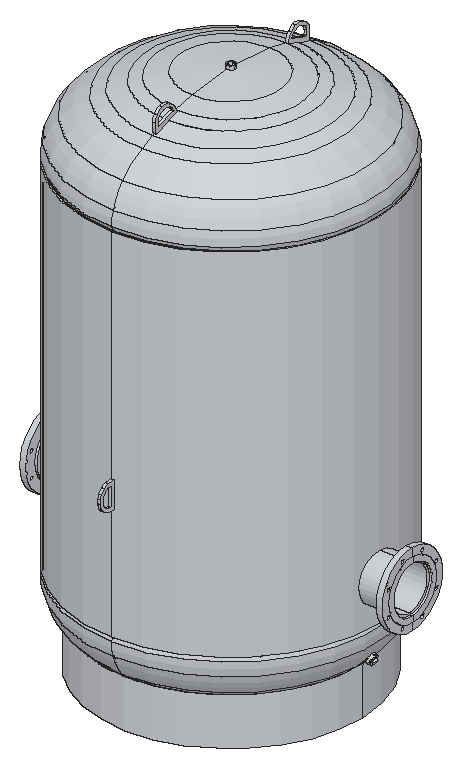
Revit family "CBT-850-8", category Generic Models, Revit 2014
Parameters (values of type "CBT-850-8")
  URL = "http://westank.com/"
  Tank Volume = 850.00 gal
  Part number = 55540850
  Model = "CBT-850-8"
  Maximum Shipping Weight = 1945 lbf
  Flange Connector Diameter = 8"
  Description = "Wessels ASME Chilled Water Buffer Tanks (CBT) are designed for chilled water systems with insufficient water volume capacity in relation to the chiller capacity."
  D = 24"
  C = 48"
  B = 97 1/2"
  A = 54"
Reference planes (in)
  plane 1 "Center (Front/Back)": y = 0
  plane 2: z = 0
  plane 3 "Center (Left/Right)": x = 0
  plane 4: through (12.55282, -180, 5.24135) normal (0.8192, 0, -0.5736)
  plane 5: z = 0
  plane 6: x = -0.0258
  plane 7: x = -27
  plane 8: x = 27
  plane 9: x = -24
  plane 10: x = 24
  plane 11: z = 24
  plane 12: z = 97.5
Forms (in)
  Revolve 1, solid
    sketch origin (0, -0.02461, 0) x (0, 1, 0) y (0, 0, 1)
      loop
        line (-26.97539, 16.49984) -> (-26.66078, 16.49984)
        arc (-26.66078, 16.49984) -> (-26.66309, 16.48381) -> (-26.66631, 16.46794) r 0.28141
        line (-26.66631, 16.46794) -> (-26.97466, 15.74151)
        arc (-26.97466, 15.74151) -> (-26.94018, 14.43758) -> (-26.668, 13.16191) r 7.10755
        arc (-26.668, 13.16191) -> (-25.77999, 11.13462) -> (-24.46831, 9.35194) r 10.01278
        arc (-24.46831, 9.35194) -> (-22.3909, 7.47847) -> (-20.00612, 6.01615) r 15.24472
        arc (-20.00612, 6.01615) -> (-17.66278, 4.91715) -> (-15.27807, 3.91108) r 65.85395
        arc (-15.27807, 3.91108) -> (-11.82013, 2.79593) -> (-8.24342, 2.15715) r 26.88855
        arc (-8.24342, 2.15715) -> (-4.34631, 1.67267) -> (-0.42253, 1.5111) r 47.59849
        arc (-0.42253, 1.5111) -> (-0.19896, 1.51161) -> (0.02461, 1.51099) r 43.89739
        line (0.02461, 1.51099) -> (0.02461, 1.86256)
        arc (0.02461, 1.86256) -> (-0.1994, 1.86318) -> (-0.4234, 1.86266) r 44.24896
        arc (-0.4234, 1.86266) -> (-4.32269, 2.02348) -> (-8.19539, 2.50555) r 47.24693
        arc (-8.19539, 2.50555) -> (-11.73033, 3.13587) -> (-15.14781, 4.23762) r 26.53699
        arc (-15.14781, 4.23762) -> (-17.51979, 5.23832) -> (-19.85062, 6.33145) r 65.50239
        arc (-19.85062, 6.33145) -> (-22.1804, 7.76005) -> (-24.2099, 9.59031) r 14.89316
        arc (-24.2099, 9.59031) -> (-25.47553, 11.3104) -> (-26.33236, 13.26651) r 9.66121
        arc (-26.33236, 13.26651) -> (-26.58754, 14.44985) -> (-26.62745, 15.65974) r 6.75598
        line (-26.62745, 15.65974) -> (-26.34269, 16.33057) -> (-26.2939, 16.53412) -> (-26.668, 16.53412) -> (-26.668, 82.46952) -> (-26.2939, 82.46952) -> (-26.34269, 82.67306) -> (-26.62745, 83.3439)
        arc (-26.62745, 83.3439) -> (-26.58754, 84.55378) -> (-26.33236, 85.73712) r 6.75598
        arc (-26.33236, 85.73712) -> (-25.47553, 87.69323) -> (-24.2099, 89.41332) r 9.66121
        arc (-24.2099, 89.41332) -> (-22.1804, 91.24359) -> (-19.85062, 92.67219) r 14.89316
        arc (-19.85062, 92.67219) -> (-17.51979, 93.76532) -> (-15.14781, 94.76602) r 65.50239
        arc (-15.14781, 94.76602) -> (-11.73033, 95.86777) -> (-8.19539, 96.49808) r 26.53699
        arc (-8.19539, 96.49808) -> (-4.10161, 97.04512) -> (0.02461, 97.22577) r 46.37627
        line (0.02461, 97.22577) -> (0.02461, 97.49264)
        arc (0.02461, 97.49264) -> (-0.19896, 97.49202) -> (-0.42253, 97.49254) r 43.89739
        arc (-0.42253, 97.49254) -> (-4.5967, 97.31625) -> (-8.73807, 96.76502) r 46.37627
        arc (-8.73807, 96.76502) -> (-10.60403, 96.39077) -> (-12.45302, 95.94014) r 46.28995
        arc (-12.45302, 95.94014) -> (-13.52034, 95.62483) -> (-14.57474, 95.2687) r 28.9358
        arc (-14.57474, 95.2687) -> (-16.14965, 94.67744) -> (-17.70715, 94.04172) r 59.2672
        arc (-17.70715, 94.04172) -> (-18.86408, 93.53083) -> (-20.00612, 92.98749) r 44.79936
        arc (-20.00612, 92.98749) -> (-22.3909, 91.52516) -> (-24.46831, 89.6517) r 15.24472
        arc (-24.46831, 89.6517) -> (-25.77999, 87.86901) -> (-26.668, 85.84172) r 10.01278
        arc (-26.668, 85.84172) -> (-26.94018, 84.56606) -> (-26.97466, 83.26213) r 7.10755
        line (-26.97466, 83.26213) -> (-26.66631, 82.5357)
        arc (-26.66631, 82.5357) -> (-26.66309, 82.51982) -> (-26.66078, 82.50379) r 0.28141
        line (-26.66078, 82.50379) -> (-26.97539, 82.50379) -> (-26.97539, 16.49984)
      axis (0.02461, 1.51099) -> (0.02461, 97.49264)
    angle from 0 to 360
  Revolve 2, solid
    sketch origin (0.05289, 0, -12.12844) x (0.999568, 0, -0.02939) y (0.02939, 0, 0.999568)
      loop
        line (24.95603, 23.79747) -> (24.90436, 23.83351) -> (24.49286, 23.24353) -> (25.10843, 22.81419) -> (25.48438, 23.35322) -> (25.43312, 23.38897) -> (25.55755, 23.56737) -> (25.04492, 23.92491) -> (24.95603, 23.79747)
      axis (24.49286, 23.24353) -> (25.10843, 22.81419)
    angle from 0 to 360
  Extrusion 3, solid
    sketch origin (25.28043, -180, 10.9329) x (0.595927, 0, 0.803038) y (0, -1, 0)
      loop
        line (-0.16036, -179.52645) -> (-0.95521, -179.68698) -> (-0.79485, -180.48095) -> (0, -180.32042) -> (-0.16036, -179.52645)
    from 1.02698 to 1.52678
  Extrusion 4, solid
    sketch origin (0, -15.00821, 15.98097) x (0, 1, 0) y (0, 0, 1)
      loop
        line (-11.93439, 21.33067) -> (-11.93439, 26.202)
        arc (-11.93439, 26.202) -> (-12.47846, 26.15164) -> (-13.01533, 26.05008) r 5.77422
        arc (-13.01533, 26.05008) -> (-13.49297, 25.89754) -> (-13.94252, 25.67548) r 3.35288
        arc (-13.94252, 25.67548) -> (-14.34081, 25.36666) -> (-14.64962, 24.96837) r 2.0073
        arc (-14.64962, 24.96837) -> (-14.80343, 24.58932) -> (-14.88788, 24.18906) r 2.30742
        arc (-14.88788, 24.18906) -> (-14.91277, 23.77188) -> (-14.88788, 23.3547) r 3.50846
        arc (-14.88788, 23.3547) -> (-14.79412, 22.92876) -> (-14.61961, 22.52904) r 2.24053
        arc (-14.61961, 22.52904) -> (-14.27401, 22.08806) -> (-13.80999, 21.77406) r 1.8078
        arc (-13.80999, 21.77406) -> (-13.34321, 21.55591) -> (-12.84107, 21.44044) r 2.44481
        arc (-12.84107, 21.44044) -> (-12.39043, 21.36326) -> (-11.93439, 21.33067) r 4.65484
      loop
        arc (-12.44611, 25.63929) -> (-12.67227, 25.60073) -> (-12.89654, 25.55235) r 5.2625
        arc (-12.89654, 25.55235) -> (-13.30128, 25.42308) -> (-13.68221, 25.23491) r 2.84116
        arc (-13.68221, 25.23491) -> (-13.97364, 25.01013) -> (-14.20134, 24.72098) r 1.49558
        arc (-14.20134, 24.72098) -> (-14.3163, 24.43235) -> (-14.37979, 24.12821) r 1.7957
        arc (-14.37979, 24.12821) -> (-14.40106, 23.77188) -> (-14.37979, 23.41555) r 2.99674
        arc (-14.37979, 23.41555) -> (-14.30745, 23.08689) -> (-14.17279, 22.77846) r 1.72881
        arc (-14.17279, 22.77846) -> (-13.91552, 22.45353) -> (-13.56884, 22.22643) r 1.29608
        arc (-13.56884, 22.22643) -> (-13.1779, 22.0402) -> (-12.75531, 21.94566) r 1.9331
        arc (-12.75531, 21.94566) -> (-12.60126, 21.91347) -> (-12.44611, 21.88716) r 4.14312
        line (-12.44611, 21.88716) -> (-12.44611, 25.63929)
    from -0.24366 to 0.25634
  Extrusion 5, solid
    sketch origin (0, -33.88542, 76.73871) x (0, 0.319235, -0.947675) y (0, 0.947675, 0.319235)
      loop
        arc (-11.9298, 25.67102) -> (-12.15596, 25.63246) -> (-12.38023, 25.58408) r 5.2625
        arc (-12.38023, 25.58408) -> (-12.78497, 25.45482) -> (-13.16591, 25.26664) r 2.84116
        arc (-13.16591, 25.26664) -> (-13.45733, 25.04186) -> (-13.68503, 24.75271) r 1.49558
        arc (-13.68503, 24.75271) -> (-13.8, 24.46408) -> (-13.86349, 24.15994) r 1.7957
        arc (-13.86349, 24.15994) -> (-13.88475, 23.80361) -> (-13.86349, 23.44728) r 2.99674
        arc (-13.86349, 23.44728) -> (-13.79114, 23.11862) -> (-13.65649, 22.81019) r 1.72881
        arc (-13.65649, 22.81019) -> (-13.39922, 22.48527) -> (-13.05253, 22.25816) r 1.29608
        arc (-13.05253, 22.25816) -> (-12.66159, 22.07193) -> (-12.239, 21.97739) r 1.9331
        arc (-12.239, 21.97739) -> (-12.08496, 21.94521) -> (-11.9298, 21.91889) r 4.14312
        line (-11.9298, 21.91889) -> (-11.9298, 25.67102)
      loop
        line (-10.83721, 21.353) -> (-10.83721, 26.12193)
        arc (-10.83721, 26.12193) -> (-11.95001, 26.18969) -> (-13.02719, 25.90227) r 3.48194
        arc (-13.02719, 25.90227) -> (-13.54727, 25.6041) -> (-13.99851, 25.20943) r 3.03185
        arc (-13.99851, 25.20943) -> (-14.28248, 24.55653) -> (-14.39992, 23.8543) r 2.91879
        arc (-14.39992, 23.8543) -> (-14.3348, 23.1787) -> (-14.08611, 22.54717) r 2.44012
        arc (-14.08611, 22.54717) -> (-13.716, 22.08641) -> (-13.21844, 21.76749) r 1.83162
        arc (-13.21844, 21.76749) -> (-12.05235, 21.41933) -> (-10.83721, 21.353) r 5.1769
    from -0.24366 to 0.25634
  Extrusion 6, solid
    sketch origin (0, 0, 0) x (1, 0, 0) y (0, 1, 0)
      loop
        circle (0, 0) r 0.75
      loop
        circle (0, 0) r 0.5
    from 97.17145 to 97.99634
  Extrusion 7, void
    sketch origin (0, 0, 0) x (1, 0, 0) y (0, 1, 0)
      loop
        circle (0, 0) r 0.5
    from 96.87107 to 98.29129
  Revolve 8, solid
    sketch origin (0, 0, 0) x (1, 0, 0) y (0, 0, 1)
      loop
        line (23.85455, 8.74984) -> (23.85455, 0) -> (23.99808, 0) -> (23.99808, 8.74984) -> (23.85455, 8.74984)
      axis (0, 8.74984) -> (0, 0)
    angle from 0 to 360
  Extrusion 9, void
    sketch origin (0, 0, 0.25) x (0, 1, 0) y (0, 0, 1)
      loop
        circle (0, 23.75) r 3.99067
    from -31.75655 to 32.4227
  Extrusion 10, solid
    sketch origin (0, 33.88542, 76.73871) x (0, -0.319235, -0.947675) y (0, 0.947675, -0.319235)
      loop
        line (-11.9298, -25.67102) -> (-11.9298, -21.91889)
        arc (-11.9298, -21.91889) -> (-12.08496, -21.94521) -> (-12.239, -21.97739) r 4.14312
        arc (-12.239, -21.97739) -> (-12.66159, -22.07193) -> (-13.05253, -22.25816) r 1.9331
        arc (-13.05253, -22.25816) -> (-13.39922, -22.48527) -> (-13.65649, -22.81019) r 1.29608
        arc (-13.65649, -22.81019) -> (-13.79114, -23.11862) -> (-13.86349, -23.44728) r 1.72881
        arc (-13.86349, -23.44728) -> (-13.88475, -23.80361) -> (-13.86349, -24.15994) r 2.99674
        arc (-13.86349, -24.15994) -> (-13.8, -24.46408) -> (-13.68503, -24.75271) r 1.7957
        arc (-13.68503, -24.75271) -> (-13.45733, -25.04186) -> (-13.16591, -25.26664) r 1.49558
        arc (-13.16591, -25.26664) -> (-12.78497, -25.45482) -> (-12.38023, -25.58408) r 2.84116
        arc (-12.38023, -25.58408) -> (-12.15596, -25.63246) -> (-11.9298, -25.67102) r 5.2625
      loop
        arc (-10.9298, -21.34797) -> (-12.09799, -21.42749) -> (-13.21844, -21.76749) r 5.1769
        arc (-13.21844, -21.76749) -> (-13.716, -22.08641) -> (-14.08611, -22.54717) r 1.83162
        arc (-14.08611, -22.54717) -> (-14.3348, -23.1787) -> (-14.39992, -23.8543) r 2.44012
        arc (-14.39992, -23.8543) -> (-14.28248, -24.55653) -> (-13.99851, -25.20943) r 2.91879
        arc (-13.99851, -25.20943) -> (-13.54727, -25.6041) -> (-13.02719, -25.90227) r 3.03185
        arc (-13.02719, -25.90227) -> (-11.99706, -26.18465) -> (-10.9298, -26.14148) r 3.48194
        line (-10.9298, -26.14148) -> (-10.9298, -21.34797)
    from -0.24366 to 0.25634
  Revolve 11, solid
    sketch origin (-3.00177, 0, 1.25063) x (-1, 0, 0) y (0, 0, 1)
      loop
        line (28.25008, 18.43777) -> (28.25008, 17.90554) -> (28.87508, 17.90554) -> (28.87508, 16.0011) -> (29.93753, 16.0011) -> (29.93753, 17.43679) -> (29.99988, 17.43679) -> (29.99988, 18.43777) -> (28.25008, 18.43777)
      axis (29.99988, 22.74937) -> (28.25008, 22.74937)
    angle from 0 to 360
  Revolve 12, solid
    sketch origin (-3.60333, 0, 1.22133) x (1, 0, 0) y (0, 0, 1)
      loop
        line (-28.89921, 18.788) -> (-28.89921, 18.46617) -> (-22.39851, 18.46617) -> (-22.39851, 18.788) -> (-28.89921, 18.788)
      axis (-28.89921, 22.77867) -> (-22.39851, 22.77867)
    angle from 0 to 360
  Extrusion 13, void
    sketch origin (0, 0, 0) x (0, 1, 0) y (0, 0, 1)
      loop
        circle (2.25229, 29.42517) r 0.43011
      loop
        circle (5.43979, 26.23767) r 0.43011
      loop
        circle (5.43979, 21.73767) r 0.43011
      loop
        circle (2.25229, 18.57483) r 0.43011
      loop
        circle (-2.25229, 29.42517) r 0.43011
      loop
        circle (-5.43979, 26.23767) r 0.43011
      loop
        circle (-5.43979, 21.73767) r 0.43011
      loop
        circle (-2.25229, 18.57483) r 0.43011
    from -33.83575 to -30.82973
  Revolve 14, solid
    sketch origin (3.00177, 0, 1.25063) x (1, 0, 0) y (0, 0, 1)
      loop
        line (28.25008, 18.43777) -> (28.25008, 17.90554) -> (28.87508, 17.90554) -> (28.87508, 16.0011) -> (29.93753, 16.0011) -> (29.93753, 17.43679) -> (29.99988, 17.43679) -> (29.99988, 18.43777) -> (28.25008, 18.43777)
      axis (29.99988, 22.74937) -> (28.25008, 22.74937)
    angle from 0 to 360
  Revolve 15, solid
    sketch origin (3.60333, 0, 1.22133) x (-1, 0, 0) y (0, 0, 1)
      loop
        line (-28.89921, 18.788) -> (-28.89921, 18.46617) -> (-22.39851, 18.46617) -> (-22.39851, 18.788) -> (-28.89921, 18.788)
      axis (-28.89921, 22.77867) -> (-22.39851, 22.77867)
    angle from 0 to 360
  Extrusion 16, void
    sketch origin (0, 0, 0) x (0, 1, 0) y (0, 0, -1)
      loop
        circle (2.25229, -29.42517) r 0.43011
      loop
        circle (5.43979, -26.23767) r 0.43011
      loop
        circle (5.43979, -21.73767) r 0.43011
      loop
        circle (2.25229, -18.57483) r 0.43011
      loop
        circle (-2.25229, -29.42517) r 0.43011
      loop
        circle (-5.43979, -26.23767) r 0.43011
      loop
        circle (-5.43979, -21.73767) r 0.43011
      loop
        circle (-2.25229, -18.57483) r 0.43011
    from -33.83575 to -30.82973
Cuts and joins
  joined: Extrusion 3, Extrusion 4, Extrusion 5, Extrusion 6, Revolve 8
  Extrusion 7, Extrusion 9 cuts Revolve 1
  Extrusion 13, Extrusion 16 cuts Revolve 11
  Extrusion 16 cuts Revolve 14
Dimensions and locks (in)
  "A": plane 8 to plane 7
  "C": plane 10 to plane 9
  "D": plane 11 to level
  "B": plane 12 to level
  aligned and locked: plane 2 to level
Automatic sketch dimensions
  Revolve 1 sketch curve to Revolve 1 sketch curve = 0"  (x35)
  Revolve 1 sketch curve to plane 1 "Center (Front/Back)" = 0"  (x3)
  plane 1 "Center (Front/Back)" to Revolve 1 sketch curve = 0.03668"
  plane 1 "Center (Front/Back)" to Revolve 1 sketch curve = 0.21505"
  plane 1 "Center (Front/Back)" to Revolve 1 sketch curve = 0.23362"  (x2)
  plane 1 "Center (Front/Back)" to Revolve 1 sketch curve = 0.45236"
  Revolve 1 sketch curve to Revolve 1 sketch curve = 0.12699"
  Revolve 1 sketch curve to Revolve 1 sketch curve = 0.01523"
  plane 1 "Center (Front/Back)" to Revolve 1 sketch curve = 4.81467"
  plane 1 "Center (Front/Back)" to Revolve 1 sketch curve = 5.33981"
  Revolve 1 sketch curve to Revolve 1 sketch curve = 0.52514"
  Revolve 1 sketch curve to plane 11 = 4.31152"
  Revolve 1 sketch curve to Revolve 1 sketch curve = 7.94787"  (x2)
  Revolve 1 sketch curve to Revolve 1 sketch curve = 3.84561"  (x2)
  Revolve 1 sketch curve to Revolve 1 sketch curve = 2.77366"  (x2)
  Revolve 1 sketch curve to plane 11 = 7.46588"
  Revolve 1 sketch curve to Revolve 1 sketch curve = 6.41156"  (x2)
  Revolve 1 sketch curve to plane 11 = 7.66943"
  Revolve 1 sketch curve to Revolve 1 sketch curve = 0.0488"  (x2)
  Revolve 1 sketch curve to Revolve 1 sketch curve = 0.28475"  (x2)
  Revolve 1 sketch curve to plane 11 = 8.34026"
  Revolve 1 sketch curve to Revolve 1 sketch curve = 0.31809"  (x2)
  Revolve 1 sketch curve to plane 11 = 7.53206"
  Revolve 1 sketch curve to Revolve 1 sketch curve = 0.00553"  (x2)
  Revolve 1 sketch curve to Revolve 1 sketch curve = 0.00722"
  Revolve 1 sketch curve to Revolve 1 sketch curve = 0.27236"  (x2)
  Revolve 1 sketch curve to plane 11 = 8.25849"
  Revolve 1 sketch curve to Revolve 1 sketch curve = 0.34721"  (x2)
  Revolve 1 sketch curve to Revolve 1 sketch curve = 0.03503"
  Revolve 1 sketch curve to plane 1 "Center (Front/Back)" = 5.44192"
  Revolve 1 sketch curve to Revolve 1 sketch curve = 3.6559"
  Revolve 1 sketch curve to plane 1 "Center (Front/Back)" = 9.09782"
  Revolve 1 sketch curve to Revolve 1 sketch curve = 1.2575"  (x2)
  level to Revolve 1 sketch curve = 1.86256"
  Revolve 1 sketch curve to Revolve 1 sketch curve = 45/128"
  Revolve 1 sketch curve to level = 42.38578"
  Revolve 1 sketch curve to Revolve 1 sketch curve = 0.86439"  (x2)
  Revolve 1 sketch curve to Revolve 1 sketch curve = 0.03427"
  plane 11 to Revolve 1 sketch curve = 4.88577"
  plane 11 to Revolve 1 sketch curve = 9.92591"
  Revolve 1 sketch curve to Revolve 1 sketch curve = 5.56692"
  Revolve 1 sketch curve to Revolve 1 sketch curve = 9.61676"
  Revolve 1 sketch curve to Revolve 1 sketch curve = 1.73993"
  Revolve 1 sketch curve to Revolve 1 sketch curve = 2.00687"
  Revolve 1 sketch curve to Revolve 1 sketch curve = 0.08497"
  Revolve 1 sketch curve to Revolve 1 sketch curve = 1.60745"
  Revolve 1 sketch curve to Revolve 1 sketch curve = 12.26886"
  Revolve 1 sketch curve to Revolve 1 sketch curve = 2.95973"
  Revolve 1 sketch curve to Revolve 1 sketch curve = 2.08041"
  Revolve 1 sketch curve to Revolve 1 sketch curve = 9.19729"
  Revolve 1 sketch curve to Revolve 1 sketch curve = 0.06618"
  Revolve 1 sketch curve to Revolve 1 sketch curve = 0.00227"
  Revolve 1 sketch curve to Revolve 1 sketch curve = 0.20354"
  Revolve 1 sketch curve to Revolve 1 sketch curve = 3.54747"
  plane 1 "Center (Front/Back)" to Revolve 1 sketch curve = 0.44714"
  Revolve 1 sketch curve to Revolve 1 sketch curve = 0.00087"
  level to Revolve 1 sketch curve = 2.50555"
  Revolve 1 sketch curve to Revolve 1 sketch curve = 0.54267"
  Revolve 1 sketch curve to Revolve 1 sketch curve = 0.04803"
  plane 11 to Revolve 1 sketch curve = 4.89308"
  Revolve 1 sketch curve to Revolve 1 sketch curve = 3 3/4"
  plane 10 to Revolve 2 sketch curve = 1.21829"
  plane 4 to Revolve 2 sketch curve = 7.42455"
  Revolve 2 sketch curve to Revolve 2 sketch curve = 0.4115"
  Revolve 2 sketch curve to Revolve 2 sketch curve = 0.05167"
  Revolve 2 sketch curve to Revolve 2 sketch curve = 0.08888"
  Revolve 2 sketch curve to Revolve 2 sketch curve = 0.61556"
  Revolve 2 sketch curve to Revolve 2 sketch curve = 0.47709"
  Revolve 2 sketch curve to Revolve 2 sketch curve = 0.05126"
  Revolve 2 sketch curve to Revolve 2 sketch curve = 0.42934"
  Revolve 2 sketch curve to Revolve 2 sketch curve = 0.12768"
  Revolve 2 sketch curve to Revolve 2 sketch curve = 0"  (x2)
  Revolve 2 sketch curve to Revolve 2 sketch curve = 0.08905"
  plane 1 "Center (Front/Back)" to Extrusion 3 sketch curve = 0.31302"
  Extrusion 3 sketch curve to plane 1 "Center (Front/Back)" = 0.48095"
  Extrusion 3 sketch curve to Extrusion 3 sketch curve = 0.16036"  (x2)
  plane 1 "Center (Front/Back)" to Extrusion 3 sketch curve = 0.47355"
  Extrusion 3 sketch curve to Extrusion 3 sketch curve = 0.79485"
  Extrusion 3 sketch curve to plane 1 "Center (Front/Back)" = 0.32042"
  Extrusion 4 sketch curve to Extrusion 4 sketch curve = 0"  (x24)
  plane 1 "Center (Front/Back)" to Extrusion 4 sketch curve = 28.04931"
  Extrusion 4 sketch curve to Extrusion 4 sketch curve = 0.11966"
  Extrusion 4 sketch curve to Extrusion 4 sketch curve = 0.25819"
  Extrusion 4 sketch curve to Extrusion 4 sketch curve = 17/256"
  Extrusion 4 sketch curve to Extrusion 4 sketch curve = 0.04958"
  Extrusion 4 sketch curve to Extrusion 4 sketch curve = 0.15073"
  Extrusion 4 sketch curve to Extrusion 4 sketch curve = 0.20915"
  Extrusion 4 sketch curve to Extrusion 4 sketch curve = 131/256"
  Extrusion 4 sketch curve to Extrusion 4 sketch curve = 0.10338"
  Extrusion 4 sketch curve to Extrusion 4 sketch curve = 0.25955"
  Extrusion 4 sketch curve to Extrusion 4 sketch curve = 1.14294"
  plane 11 to Extrusion 4 sketch curve = 12.41459"
  Extrusion 4 sketch curve to Extrusion 4 sketch curve = 0.89706"
  Extrusion 4 sketch curve to Extrusion 4 sketch curve = 0.55648"
  Extrusion 4 sketch curve to Extrusion 4 sketch curve = 0.90165"
  Extrusion 4 sketch curve to Extrusion 4 sketch curve = 0.62139"
  Extrusion 4 sketch curve to Extrusion 4 sketch curve = 27/128"
  Extrusion 4 sketch curve to Extrusion 4 sketch curve = 0.15076"
  Extrusion 4 sketch curve to Extrusion 4 sketch curve = 0.24641"
  Extrusion 4 sketch curve to Extrusion 4 sketch curve = 0.04716"
  Extrusion 4 sketch curve to Extrusion 4 sketch curve = 0.0326"
  Extrusion 4 sketch curve to Extrusion 4 sketch curve = 1.7246"
  Extrusion 4 sketch curve to Extrusion 4 sketch curve = 0.34507"
  Extrusion 4 sketch curve to Extrusion 4 sketch curve = 0.21764"
  Extrusion 4 sketch curve to Extrusion 4 sketch curve = 1.12273"
  Extrusion 4 sketch curve to Extrusion 4 sketch curve = 0.78568"
  Extrusion 4 sketch curve to Extrusion 4 sketch curve = 0.24115"
  Extrusion 4 sketch curve to Extrusion 4 sketch curve = 0.2603"
  Extrusion 4 sketch curve to Extrusion 4 sketch curve = 0.60395"
  Extrusion 4 sketch curve to Extrusion 4 sketch curve = 0.51913"
  Extrusion 4 sketch curve to Extrusion 4 sketch curve = 0.44682"
  Extrusion 4 sketch curve to Extrusion 4 sketch curve = 0.44829"
  Extrusion 6 sketch curve to Extrusion 6 sketch curve = 0"  (x2)
  plane 1 "Center (Front/Back)" to Extrusion 6 sketch curve = 0"
  Extrusion 6 sketch curve to plane 3 "Center (Left/Right)" = 0"
  Extrusion 7 sketch curve to Extrusion 7 sketch curve = 0"  (x2)
  plane 1 "Center (Front/Back)" to Extrusion 7 sketch curve = 0"
  Extrusion 7 sketch curve to plane 3 "Center (Left/Right)" = 0"
  plane 6 to Extrusion 7 sketch curve = 0.4742"
  Revolve 8 sketch curve to plane 3 "Center (Left/Right)" = 0"
  Revolve 8 sketch curve to level = 0"
  Revolve 8 sketch curve to plane 10 = 0.14545"
  Revolve 8 sketch curve to plane 10 = 0.00192"
  level to Revolve 8 sketch curve = 8.74984"
  level to Revolve 8 sketch curve = 4.69941"
  Revolve 8 sketch curve to Revolve 8 sketch curve = 1"
  Extrusion 9 sketch curve to Extrusion 9 sketch curve = 0"  (x2)
  Extrusion 9 sketch curve to plane 1 "Center (Front/Back)" = 0"
  Extrusion 9 sketch curve to plane 11 = 0"
  Extrusion 9 sketch curve to Extrusion 9 sketch curve = 3.99067"
  Revolve 11 sketch curve to plane 11 = 0"
  plane 7 to Revolve 11 sketch curve = 4.25184"
  Revolve 11 sketch curve to Revolve 11 sketch curve = 5/8"
  Revolve 11 sketch curve to Revolve 11 sketch curve = 1.06246"
  Revolve 11 sketch curve to Revolve 11 sketch curve = 0.06235"
  plane 11 to Revolve 11 sketch curve = 4.3116"
  Revolve 11 sketch curve to Revolve 11 sketch curve = 0.53222"
  Revolve 11 sketch curve to Revolve 11 sketch curve = 1.00098"
  Revolve 11 sketch curve to Revolve 11 sketch curve = 1.43569"
  Revolve 11 sketch curve to plane 7 = 41/128"
  Revolve 11 sketch curve to Revolve 11 sketch curve = 0.68278"
  Revolve 12 sketch curve to plane 11 = 0"
  Revolve 12 sketch curve to plane 7 = 5.50254"
  plane 7 to Revolve 12 sketch curve = 0.99816"
  Revolve 12 sketch curve to plane 11 = 3.99067"
  Revolve 12 sketch curve to Revolve 12 sketch curve = 0.32183"
  plane 7 to Revolve 12 sketch curve = 1.13731"
  Revolve 12 sketch curve to Revolve 12 sketch curve = 0.36015"
  Extrusion 13 sketch curve to plane 11 = 2.26233"  (x2)
  plane 1 "Center (Front/Back)" to Extrusion 13 sketch curve = 5.43979"
  plane 11 to Extrusion 13 sketch curve = 2.23767"  (x2)
  Extrusion 13 sketch curve to Extrusion 13 sketch curve = 0"  (x3)
  plane 1 "Center (Front/Back)" to Extrusion 13 sketch curve = 2.25229"  (x2)
  Extrusion 13 sketch curve to plane 1 "Center (Front/Back)" = 2.25229"  (x2)
  Extrusion 13 sketch curve to Extrusion 13 sketch curve = 3 3/16"  (x2)
  Extrusion 13 sketch curve to Extrusion 13 sketch curve = 3.16285"  (x2)
  Revolve 14 sketch curve to plane 11 = 0"
  plane 8 to Revolve 14 sketch curve = 4.25184"
  Revolve 14 sketch curve to Revolve 14 sketch curve = 5/8"
  Revolve 14 sketch curve to Revolve 14 sketch curve = 1.06246"
  Revolve 14 sketch curve to Revolve 14 sketch curve = 0.06235"
  Revolve 14 sketch curve to plane 11 = 4.3116"
  Revolve 14 sketch curve to Revolve 14 sketch curve = 0.53222"
  Revolve 14 sketch curve to Revolve 14 sketch curve = 1.00098"
  Revolve 14 sketch curve to Revolve 14 sketch curve = 1.43569"
  Revolve 14 sketch curve to plane 8 = 41/128"
  Revolve 14 sketch curve to Revolve 14 sketch curve = 0.68278"
  Revolve 15 sketch curve to plane 11 = 0"
  Revolve 15 sketch curve to plane 8 = 5.50254"
  plane 8 to Revolve 15 sketch curve = 0.99816"
  plane 11 to Revolve 15 sketch curve = 3.99067"
  Revolve 15 sketch curve to Revolve 15 sketch curve = 0.32183"
  plane 8 to Revolve 15 sketch curve = 1.13731"
  Revolve 15 sketch curve to Revolve 15 sketch curve = 0.36015"
  Extrusion 16 sketch curve to plane 11 = 2.26233"  (x2)
  plane 1 "Center (Front/Back)" to Extrusion 16 sketch curve = 5.43979"
  plane 11 to Extrusion 16 sketch curve = 2.23767"  (x2)
  Extrusion 16 sketch curve to Extrusion 16 sketch curve = 0"  (x3)
  plane 1 "Center (Front/Back)" to Extrusion 16 sketch curve = 2.25229"  (x2)
  Extrusion 16 sketch curve to plane 1 "Center (Front/Back)" = 2.25229"  (x2)
  Extrusion 16 sketch curve to Extrusion 16 sketch curve = 3 3/16"  (x2)
  Extrusion 16 sketch curve to Extrusion 16 sketch curve = 3.16285"  (x2)
  plane 1 "Center (Front/Back)" to Extrusion 5 sketch curve = 15.66843"
  Extrusion 5 sketch curve to Extrusion 5 sketch curve = 0.03301"
  Extrusion 5 sketch curve to Extrusion 5 sketch curve = 0.08665"
  Extrusion 5 sketch curve to Extrusion 5 sketch curve = 0.34483"
  Extrusion 5 sketch curve to Extrusion 5 sketch curve = 17/256"
  Extrusion 5 sketch curve to Extrusion 5 sketch curve = 0.04958"
  Extrusion 5 sketch curve to Extrusion 5 sketch curve = 0.06885"
  Extrusion 5 sketch curve to Extrusion 5 sketch curve = 0.15073"
  Extrusion 5 sketch curve to Extrusion 5 sketch curve = 0.36028"
  Extrusion 5 sketch curve to Extrusion 5 sketch curve = 0.06601"
  Extrusion 5 sketch curve to Extrusion 5 sketch curve = 0.11815"
  Extrusion 5 sketch curve to Extrusion 5 sketch curve = 0.47821"
  Extrusion 5 sketch curve to Extrusion 5 sketch curve = 0.6151"
  Extrusion 5 sketch curve to Extrusion 5 sketch curve = 0.15011"
  Extrusion 5 sketch curve to Extrusion 5 sketch curve = 0.77126"
  Extrusion 5 sketch curve to Extrusion 5 sketch curve = 0.59588"
  Extrusion 5 sketch curve to Extrusion 5 sketch curve = 0.32133"
  Extrusion 5 sketch curve to Extrusion 5 sketch curve = 0.3061"
  Extrusion 5 sketch curve to Extrusion 5 sketch curve = 0.31529"
  Extrusion 5 sketch curve to Extrusion 5 sketch curve = 0.0954"
  Extrusion 5 sketch curve to Extrusion 5 sketch curve = 0.80625"
  Extrusion 5 sketch curve to Extrusion 5 sketch curve = 0.56589"
  Extrusion 5 sketch curve to Extrusion 5 sketch curve = 0.88766"
  Extrusion 5 sketch curve to Extrusion 5 sketch curve = 0.00686"
  Extrusion 5 sketch curve to Extrusion 5 sketch curve = 0.20406"
  Extrusion 5 sketch curve to Extrusion 5 sketch curve = 0.59172"
  Extrusion 5 sketch curve to Extrusion 5 sketch curve = 0.09548"
  Extrusion 5 sketch curve to Extrusion 5 sketch curve = 0.07607"
  Extrusion 5 sketch curve to Extrusion 5 sketch curve = 0.15093"
  Extrusion 5 sketch curve to Extrusion 5 sketch curve = 0.04716"
  Extrusion 5 sketch curve to Extrusion 5 sketch curve = 0.0326"
  Extrusion 5 sketch curve to Extrusion 5 sketch curve = 1.7246"
  Extrusion 5 sketch curve to Extrusion 5 sketch curve = 0.34507"
  Extrusion 5 sketch curve to Extrusion 5 sketch curve = 0.10584"
  Extrusion 5 sketch curve to Extrusion 5 sketch curve = 0.39761"
  Extrusion 5 sketch curve to Extrusion 5 sketch curve = 0"  (x6)
  Extrusion 5 sketch curve to Extrusion 5 sketch curve = 0.1659"
  Extrusion 5 sketch curve to Extrusion 5 sketch curve = 0.13872"
  Extrusion 5 sketch curve to Extrusion 5 sketch curve = 0.42962"
  Extrusion 5 sketch curve to Extrusion 5 sketch curve = 0.51913"
  Extrusion 5 sketch curve to Extrusion 5 sketch curve = 0.31348"
  plane 1 "Center (Front/Back)" to Extrusion 10 sketch curve = 15.66843"
  Extrusion 10 sketch curve to Extrusion 10 sketch curve = 0.03301"
  Extrusion 10 sketch curve to Extrusion 10 sketch curve = 0.08665"
  Extrusion 10 sketch curve to Extrusion 10 sketch curve = 0.34483"
  Extrusion 10 sketch curve to Extrusion 10 sketch curve = 17/256"
  Extrusion 10 sketch curve to Extrusion 10 sketch curve = 0.04958"
  Extrusion 10 sketch curve to Extrusion 10 sketch curve = 0.06885"
  Extrusion 10 sketch curve to Extrusion 10 sketch curve = 0.15073"
  Extrusion 10 sketch curve to Extrusion 10 sketch curve = 0.36028"
  Extrusion 10 sketch curve to Extrusion 10 sketch curve = 0.06601"
  Extrusion 10 sketch curve to Extrusion 10 sketch curve = 0.11815"
  Extrusion 10 sketch curve to Extrusion 10 sketch curve = 0.47821"
  Extrusion 10 sketch curve to Extrusion 10 sketch curve = 0.6151"
  Extrusion 10 sketch curve to Extrusion 10 sketch curve = 0.15011"
  Extrusion 10 sketch curve to Extrusion 10 sketch curve = 0.77126"
  Extrusion 10 sketch curve to Extrusion 10 sketch curve = 0.3849"
  Extrusion 10 sketch curve to Extrusion 10 sketch curve = 0.59588"
  Extrusion 10 sketch curve to Extrusion 10 sketch curve = 0.3061"
  Extrusion 10 sketch curve to Extrusion 10 sketch curve = 0.31529"
  Extrusion 10 sketch curve to Extrusion 10 sketch curve = 0.0954"
  Extrusion 10 sketch curve to Extrusion 10 sketch curve = 0.80625"
  Extrusion 10 sketch curve to Extrusion 10 sketch curve = 0.57092"
  Extrusion 10 sketch curve to Extrusion 10 sketch curve = 0.88262"
  Extrusion 10 sketch curve to Extrusion 10 sketch curve = 0.00686"
  Extrusion 10 sketch curve to Extrusion 10 sketch curve = 0.20406"
  Extrusion 10 sketch curve to Extrusion 10 sketch curve = 0.59172"
  Extrusion 10 sketch curve to Extrusion 10 sketch curve = 0.09548"
  Extrusion 10 sketch curve to Extrusion 10 sketch curve = 0.07607"
  Extrusion 10 sketch curve to Extrusion 10 sketch curve = 0.15093"
  Extrusion 10 sketch curve to Extrusion 10 sketch curve = 0.04716"
  Extrusion 10 sketch curve to Extrusion 10 sketch curve = 0.0326"
  Extrusion 10 sketch curve to Extrusion 10 sketch curve = 1.7246"
  Extrusion 10 sketch curve to Extrusion 10 sketch curve = 0.34507"
  Extrusion 10 sketch curve to Extrusion 10 sketch curve = 0.12538"
  Extrusion 10 sketch curve to Extrusion 10 sketch curve = 0.37807"
  Extrusion 10 sketch curve to Extrusion 10 sketch curve = 0"  (x6)
  Extrusion 10 sketch curve to Extrusion 10 sketch curve = 0.1659"
  Extrusion 10 sketch curve to Extrusion 10 sketch curve = 0.13872"
  Extrusion 10 sketch curve to Extrusion 10 sketch curve = 0.42962"
  Extrusion 10 sketch curve to Extrusion 10 sketch curve = 0.51913"
  Extrusion 10 sketch curve to Extrusion 10 sketch curve = 0.31348"
  Revolve 1 sketch curve to Revolve 1 sketch curve = 0.75834"
  Revolve 1 sketch curve to Revolve 1 sketch curve = 0.08177"
  Revolve 1 sketch curve to Revolve 1 sketch curve = 17.91062"
  Revolve 1 sketch curve to Revolve 1 sketch curve = 0.26687"
  Revolve 1 sketch curve to Revolve 1 sketch curve = 43.89677"
  Revolve 1 sketch curve to Revolve 1 sketch curve = 2.12172"
  plane 11 to Extrusion 5 sketch curve = 72.09164"
  Extrusion 10 sketch curve to plane 11 = 72.09164"
  radius of Extrusion 6 sketch curve = 3/4"
  radius of Extrusion 6 sketch curve = 1/2"
  radius of Extrusion 13 sketch curve = 0.43011"  (x8)
  radius of Extrusion 16 sketch curve = 0.43011"  (x8)
Connectors (in)
  piping at (-33.00165, 0, 24), diameter 8, driven by "Flange Connector Diameter"
    settings: on Revolve 11, index 2, connector inside diameter 24", connector length 0", flow factor 0, pipe flow 0 GPM, pressure drop 0.00 psi, fitting loss kfactor 0, connector angle 0.00°, fixture units 0, engagement length 0", angle of deflection 0.00°, flow configuration 0, flow direction 0, fitting loss method 0, system type 7, joint type 0, gender type 0, connector reference index 3, connector utility 0, adjustable connector no, is connector primary yes, connector description ""
  piping at (33.00165, 0, 24), diameter 8, driven by "Flange Connector Diameter"
    settings: on Revolve 14, index 3, connector inside diameter 24", connector length 0", flow factor 0, pipe flow 0 GPM, pressure drop 0.00 psi, fitting loss kfactor 0, connector angle 0.00°, fixture units 0, engagement length 0", angle of deflection 0.00°, flow configuration 0, flow direction 0, fitting loss method 0, system type 7, joint type 0, gender type 0, connector reference index 2, connector utility 0, adjustable connector no, is connector primary no, connector description ""
